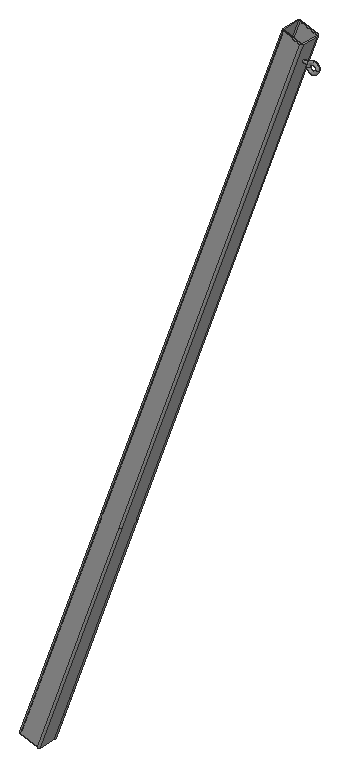
Revit family "Опора для подвесных качелей Арт 16176", category Антураж, Revit 2018
Family settings
  На основе рабочей плоскости = Нет
  Всегда вертикально = Да
  При загрузке вырезать с полостями = Нет
  Источник визуального образа = Геометрия семейства
  Общий = Нет
  Точка расчета площади = Нет
Parameters (values of type "Опора для подвесных качелей")
  Ширина = 108 mm  # constant formula
  Цвет опоры = Сталь
  Угол наклона относительно земли = 70.00°
  Описание = "Опора для подвесных качелей. 2 шт"  # constant formula
  Материал изделия = "Сталь"  # constant formula
  Изображение типоразмера = Опора для подвесных качелей Арт 16176.jpg
  Изготовитель = "ООО «Хоббика»"  # constant formula
  Группа модели = "Садовая и дачная мебель"  # constant formula
  Высота = 2500 mm  # constant formula
  Артикул товара = "Арт. 16176"  # constant formula
  URL = "https://hobbyka.ru/product/opora_dlya_podvesnykh_kacheley/"
Reference planes
  plane 1 "По центру (Вперед/Назад)": y = 0
  plane 2: z = 0
  plane 3 "По центру (Влево/Вправо)": x = 0
  plane 4: z = 2500
  plane 5: y = 54
  plane 6: y = -54
Forms (mm)
  Sweep 1, solid, material "Сталь" <- "Цвет опоры"
    path origin (0, 0, 0) x (1, 0, 0) y (0, 0, 1)
      loop
        line (-410.424, -1127.631) -> (0, 0) -> (901.619, 2477.179)
    profile origin (450.81, 0, 1238.589) x (-0.939693, 0, 0.34202) y (0, -1, 0)
      loop
        arc (54, 44) -> (51.071, 51.071) -> (44, 54) r 10
        line (44, 54) -> (-44, 54)
        arc (-44, 54) -> (-51.071, 51.071) -> (-54, 44) r 10
        line (-54, 44) -> (-54, -44)
        arc (-54, -44) -> (-51.071, -51.071) -> (-44, -54) r 10
        line (-44, -54) -> (44, -54)
        arc (44, -54) -> (51.071, -51.071) -> (54, -44) r 10
        line (54, -44) -> (54, 44)
      loop
        arc (49, 44) -> (47.536, 47.536) -> (44, 49) r 5
        line (44, 49) -> (-44, 49)
        arc (-44, 49) -> (-47.536, 47.536) -> (-49, 44) r 5
        line (-49, 44) -> (-49, -44)
        arc (-49, -44) -> (-47.536, -47.536) -> (-44, -49) r 5
        line (-44, -49) -> (44, -49)
        arc (44, -49) -> (47.536, -47.536) -> (49, -44) r 5
        line (49, -44) -> (49, 44)
  Sweep 2, solid, material "Хром"
    path origin (0, 0, 0) x (1, 0, 0) y (0, 0, 1)
      loop
        circle (965.012, 2341.232) r 30
    profile origin (965.012, 0, 2371.232) x (0, 0, -1) y (0, -1, 0)
      loop
        circle (7.5, 0) r 7.5
  Sweep 3, solid, material "Хром"
    path origin (0, 0, 0) x (1, 0, 0) y (0, 0, 1)
      loop
        line (943.869, 2348.928) -> (865.343, 2377.509)
    profile origin (904.606, 0, 2363.219) x (-0.34202, 0, -0.939693) y (0, -1, 0)
      loop
        circle (0, 0) r 7.5
Cuts and joins
  joined: Sweep 2, Sweep 3
Lines and regions (mm)
  reference lines
    curve 1: line (894.119, 0, 2456.572) -> (0, 0, 0)
Dimensions and locks
  "Высота": plane 4 to plane 2
  locked: curve 1 to Sweep 3 sketch curve at 83.566
  locked: Sweep 1 to Sweep 3 sketch curve at 106.066
  locked: curve 1 to Sweep 2 sketch curve at 106.066
  locked: Sweep 1 to Sweep 2 sketch curve at 106.066
  "Ширина": plane 5 to plane 6
  equal spacing: plane 5, plane 1 "По центру (Вперед/Назад)", plane 6
  "Угол наклона относительно земли": angle level to Sweep 1 sketch curve  (x2)
  "Угол наклона относительно земли": angle level to curve 1
  locked: curve 1 to Sweep 3 sketch curve (angle 90.00°)
  aligned and locked: level to plane 2
  aligned and locked: plane 3 "По центру (Влево/Вправо)" to Sweep 1 sketch curve
Automatic sketch dimensions
  Sweep 2 sketch curve to plane 1 "По центру (Вперед/Назад)" = 0 mm
  Sweep 2 sketch curve to profile plane = 7.5 mm
  plane 1 "По центру (Вперед/Назад)" to Sweep 3 sketch curve = 0 mm
  Sweep 3 sketch curve to profile plane = 0 mm
  Sweep 1 sketch curve to Sweep 1 sketch curve = 0 mm  (x7)
  plane 1 "По центру (Вперед/Назад)" to Sweep 1 sketch curve = 44 mm
  profile plane to Sweep 1 sketch curve = 54 mm
  Sweep 1 sketch curve to Sweep 1 sketch curve = 5 mm  (x4)
  Sweep 1 sketch curve to plane 1 "По центру (Вперед/Назад)" = 44 mm
  Sweep 1 sketch curve to profile plane = 44 mm  (x2)
  Sweep 1 sketch curve to level = 0 mm
  curve 1 to level = 0 mm
  curve 1 to plane 3 "По центру (Влево/Вправо)" = 0 mm
  radius of Sweep 2 sketch curve = 30 mm
  radius of Sweep 2 sketch curve = 7.5 mm
  radius of Sweep 3 sketch curve = 7.5 mm
